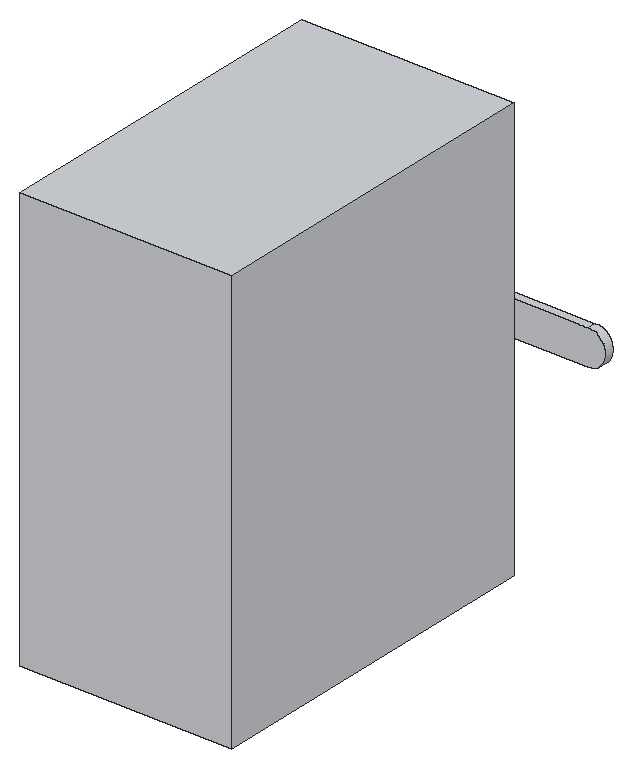
Revit family "Volume Damper - Rectangular", category Duct Accessories, Revit 2025
Family settings
  Round Connector Dimension = Use Diameter
  Part Type = Damper
  OmniClass Number = 23.75.70.11.14.14
  OmniClass Title = Dampers for Air Ductwork
  Work Plane-Based = No
  Always vertical = Yes
  Cut with Voids When Loaded = No
  Shared = No
Parameters (values of type "Standard")
  Width [instance] = 10"
  Pressure Drop [instance] = 1.00 in-wg
  Length = 6"
  Height [instance] = 12"
  Default Elevation = 0"
Reference planes (in)
  plane 1 "Center (Front/Back)": y = 0
  plane 2: z = 0
  plane 3 "Center (Left/Right)": x = 0
  plane 4: x = -3
  plane 5: x = 3
  plane 6 "back": y = -5
  plane 7 "front": y = 5
  plane 8: y = 0
  plane 9: x = 0
Forms (in)
  Extrusion 1, solid
    sketch origin (0, 0, 0) x (0, 1, 0) y (0, 0, 1)
      loop
        line (-5, 6) -> (-5, -6) -> (5, -6) -> (5, 6) -> (-5, 6)
    from -3 to 3
  Sweep 2, solid
    path origin (0, -0.86894, 0) x (1, 0, 0) y (0, 1, 0)
      loop
        line (0, 6.61894) -> (0, 6.86894)
    profile origin (0, 5.875, 0) x (-1, 0, 0) y (0, 0, 1)
      loop
        line (0, 0.5) -> (-4.51971, 0.5)
        arc (-4.51971, 0.5) -> (-5.01971, 0) -> (-4.51971, -0.5) r 0.5
        line (-4.51971, -0.5) -> (0, -0.5)
        arc (0, -0.5) -> (0.5, 0) -> (0, 0.5) r 0.5
  Sweep 3, solid
    path origin (0, 0, 0) x (1, 0, 0) y (0, 1, 0)
      loop
        line (0, 5.75) -> (0, 5)
    profile origin (0, 5.375, 0) x (1, 0, 0) y (0, 0, 1)
      loop
        circle (0, 0) r 0.125
Lines and regions (in)
  symbolic lines
    curve 1: line (0, 5, 0) -> (0, -5, 0)
Dimensions and locks (in)
  equal spacing: Extrusion 1 sketch curve, plane 1 "Center (Front/Back)", Extrusion 1 sketch curve
  equal spacing: Extrusion 1 sketch curve, plane 2, Extrusion 1 sketch curve
  "Height": Extrusion 1 sketch curve to Extrusion 1 sketch curve
  "Width": Extrusion 1 sketch curve to Extrusion 1 sketch curve
  "Length": plane 4 to plane 5
  equal spacing: plane 7 "front", plane 1 "Center (Front/Back)", plane 6 "back"
  "Width": plane 6 "back" to plane 7 "front"
  equal spacing: plane 4, plane 3 "Center (Left/Right)", plane 5
  aligned and locked: Extrusion 1 to plane 4
  aligned and locked: Extrusion 1 to plane 5
  aligned and locked: Sweep 3 sketch curve to curve 1
  aligned and locked: plane 9 to Sweep 2 sketch curve
  aligned and locked: Sweep 2 to Sweep 3
Automatic sketch dimensions
  Sweep 2 sketch curve to plane 7 "front" = 1"
  Sweep 2 sketch curve to Sweep 2 sketch curve = 1/4"
  level to Sweep 2 sketch curve = 1/2"
  profile plane to Sweep 2 sketch curve = 4.51971"
  profile plane to Sweep 2 sketch curve = 0"
  level to Sweep 2 sketch curve = 0"
  curve 1 to plane 3 "Center (Left/Right)" = 0"
  curve 1 to plane 6 "back" = 0"
  plane 7 "front" to curve 1 = 0"
  plane 7 "front" to Sweep 3 sketch curve = 0"
  Sweep 3 sketch curve to plane 7 "front" = 3/4"
  Sweep 3 sketch curve to level = 0"
  profile plane to Sweep 3 sketch curve = 0"
  radius of Sweep 3 sketch curve = 1/8"
Connectors (in)
  hvac at (-3, 0, 0), driven by "Height", driven by "Width"
    settings: on Extrusion 1, index 1, duct flow 0 CFM, flow factor 0, pres drop 1.00 in-wg, loss coef 0, conn angle 0.00°, conn width 10", conn height 12", conn diameter 24", duct sys type 29, conn prof type 1, flow config 0, flow direction 0, loss method 4, conn ref index 2, conn util no, is conn primary yes, conn desc "inlet"
  hvac at (3, 0, 0), driven by "Height", driven by "Width"
    settings: on Extrusion 1, index 2, duct flow 0 CFM, flow factor 0, pres drop 0.00 in-wg, loss coef 0, conn angle 0.00°, conn width 10", conn height 12", conn diameter 24", duct sys type 29, conn prof type 1, flow config 0, flow direction 0, loss method 4, conn ref index 1, conn util no, is conn primary no, conn desc "outlet"
